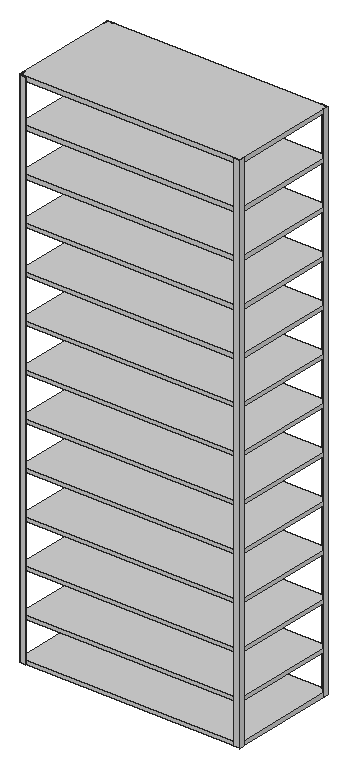
Revit family "SS", category Specialty Equipment, Revit 2012
Parameters (values of type "Storage Shelving (Default)")
  URL = "http://www.madixinc.com/store/storage/components/index.html"
  Model = "Storage Shelving"
  Manufacturer = "© 2012 Madix, Inc. All rights reserved."
  Base Shelf [instance] = yes
  1' Shelf [instance] = yes
  2' Shelf [instance] = yes
  3' Shelf [instance] = yes
  Width = 5' - 0"
  Shelf Depth = 2' - 6"
  Height = 12' - 0"
  4' Shelf [instance] = yes
  5' Shelf [instance] = yes
  6' Shelf [instance] = yes
  7' Shelf [instance] = yes
  8' Shelf [instance] = yes
  9' Shelf [instance] = yes
  10' Shelf [instance] = yes
  11' Shelf [instance] = yes
  12' Shelf [instance] = yes
Reference planes (in)
  plane 1 "Center (Front/Back)": y = 0
  plane 2: z = 0
  plane 3 "Center (Left/Right)": x = 0
  plane 4: z = 144
  plane 5: x = -30
  plane 6: x = 30
  plane 7: x = -30
  plane 8: y = 15
  plane 9: y = -15
Forms (in)
  Extrusion 1, solid, material "Metal - Steel", visible <- "Base Shelf"
    sketch origin (0, 0, 0) x (1, 0, 0) y (0, 1, 0)
      loop
        line (-30, 15) -> (-30, -15) -> (30, -15) -> (30, 15) -> (-30, 15)
    from 0 to 1
  Extrusion 2, solid, material "Metal - Steel", visible <- "1' Shelf"
    sketch origin (31, 0, 0) x (1, 0, 0) y (0, 1, 0)
      loop
        line (-61, 15) -> (-61, -15) -> (-1, -15) -> (-1, 15) -> (-61, 15)
    from 11 to 12
  Extrusion 3, solid, material "Metal - Steel", visible <- "2' Shelf"
    sketch origin (31, 0, 0) x (1, 0, 0) y (0, 1, 0)
      loop
        line (-61, 15) -> (-61, -15) -> (-1, -15) -> (-1, 15) -> (-61, 15)
    from 23 to 24
  Extrusion 4, solid, material "Metal - Steel", visible <- "3' Shelf"
    sketch origin (31, 0, 0) x (1, 0, 0) y (0, 1, 0)
      loop
        line (-61, 15) -> (-61, -15) -> (-1, -15) -> (-1, 15) -> (-61, 15)
    from 35 to 36
  Extrusion 5, solid, material "Metal - Steel", visible <- "4' Shelf"
    sketch origin (31, 0, 0) x (1, 0, 0) y (0, 1, 0)
      loop
        line (-61, 15) -> (-61, -15) -> (-1, -15) -> (-1, 15) -> (-61, 15)
    from 47 to 48
  Extrusion 6, solid, material "Metal - Steel", visible <- "5' Shelf"
    sketch origin (31, 0, 0) x (1, 0, 0) y (0, 1, 0)
      loop
        line (-61, 15) -> (-61, -15) -> (-1, -15) -> (-1, 15) -> (-61, 15)
    from 59 to 60
  Extrusion 7, solid, material "Metal - Steel", visible <- "6' Shelf"
    sketch origin (31, 0, 0) x (1, 0, 0) y (0, 1, 0)
      loop
        line (-61, 15) -> (-61, -15) -> (-1, -15) -> (-1, 15) -> (-61, 15)
    from 71 to 72
  Extrusion 8, solid, material "Metal - Steel", visible <- "7' Shelf"
    sketch origin (25, -1, 0) x (1, 0, 0) y (0, 1, 0)
      loop
        line (-55, 16) -> (-55, -14) -> (5, -14) -> (5, 16) -> (-55, 16)
    from 83 to 84
  Extrusion 9, solid, material "Metal - Steel", visible <- "8' Shelf"
    sketch origin (31, 0, 0) x (1, 0, 0) y (0, 1, 0)
      loop
        line (-61, 15) -> (-61, -15) -> (-1, -15) -> (-1, 15) -> (-61, 15)
    from 95 to 96
  Extrusion 10, solid, material "Metal - Steel", visible <- "9' Shelf"
    sketch origin (31, 0, 0) x (1, 0, 0) y (0, 1, 0)
      loop
        line (-61, 15) -> (-61, -15) -> (-1, -15) -> (-1, 15) -> (-61, 15)
    from 107 to 108
  Extrusion 11, solid, material "Metal - Steel", visible <- "10' Shelf"
    sketch origin (31, 0, 0) x (1, 0, 0) y (0, 1, 0)
      loop
        line (-61, 15) -> (-61, -15) -> (-1, -15) -> (-1, 15) -> (-61, 15)
    from 119 to 120
  Extrusion 12, solid, material "Metal - Steel", visible <- "11' Shelf"
    sketch origin (31, 0, 0) x (1, 0, 0) y (0, 1, 0)
      loop
        line (-61, 15) -> (-61, -15) -> (-1, -15) -> (-1, 15) -> (-61, 15)
    from 131 to 132
  Extrusion 13, solid, material "Metal - Steel", visible <- "12' Shelf"
    sketch origin (31, 0, 0) x (1, 0, 0) y (0, 1, 0)
      loop
        line (-61, 15) -> (-61, -15) -> (-1, -15) -> (-1, 15) -> (-61, 15)
    from 143 to 144
  Extrusion 14, solid, material "Metal - Steel"
    sketch origin (0, 0, 0) x (1, 0, 0) y (0, 1, 0)
      loop
        line (-30, 15.0625) -> (-30.0625, 15.0625) -> (-30.0625, 13.5625) -> (-30, 13.5625) -> (-30, 15) -> (-28.5, 15) -> (-28.5, 15.0625) -> (-30, 15.0625)
      loop
        line (30, 15.0625) -> (28.5, 15.0625) -> (28.5, 15) -> (30, 15) -> (30, 13.5625) -> (30.0625, 13.5625) -> (30.0625, 15.0625) -> (30, 15.0625)
      loop
        line (-30, -15.0625) -> (-28.5, -15.0625) -> (-28.5, -15) -> (-30, -15) -> (-30, -13.5625) -> (-30.0625, -13.5625) -> (-30.0625, -15.0625) -> (-30, -15.0625)
      loop
        line (30, -15.0625) -> (30.0625, -15.0625) -> (30.0625, -13.5625) -> (30, -13.5625) -> (30, -15) -> (28.5, -15) -> (28.5, -15.0625) -> (30, -15.0625)
    from 0 to 144
Dimensions and locks (in)
  "Height": plane 4 to level
  equal spacing: plane 5, plane 3 "Center (Left/Right)", plane 6
  "Width": plane 5 to plane 6
  equal spacing: plane 9, plane 1 "Center (Front/Back)", plane 8
  "Shelf Depth": plane 9 to plane 8
  aligned and locked: level to plane 2
  aligned and locked: plane 5 to Extrusion 1
  aligned and locked: plane 6 to Extrusion 1
  aligned and locked: plane 7 to plane 5
  aligned and locked: Extrusion 1 to Extrusion 8  (x2)
  aligned and locked: Extrusion 8 to Extrusion 1  (x2)
  aligned and locked: plane 8 to Extrusion 1
  aligned and locked: plane 9 to Extrusion 1
  aligned and locked: Extrusion 2 to Extrusion 8
  aligned and locked: Extrusion 8 to Extrusion 2
  aligned and locked: Extrusion 14 to Extrusion 1  (x8)
  aligned and locked: Extrusion 14 to Extrusion 2  (x3)
  aligned and locked: Extrusion 7 to Extrusion 1  (x2)
  aligned and locked: Extrusion 6 to Extrusion 1  (x2)
  aligned and locked: Extrusion 5 to Extrusion 1  (x2)
  aligned and locked: Extrusion 4 to Extrusion 1  (x2)
  aligned and locked: Extrusion 3 to Extrusion 1  (x2)
  aligned and locked: Extrusion 9 to Extrusion 6
  aligned and locked: Extrusion 8 to Extrusion 9  (x3)
  aligned and locked: Extrusion 7 to Extrusion 9
  aligned and locked: Extrusion 1 to Extrusion 13  (x4)
  aligned and locked: Extrusion 7 to Extrusion 12
  aligned and locked: Extrusion 12 to Extrusion 7
  aligned and locked: Extrusion 12 to Extrusion 10
  aligned and locked: Extrusion 9 to Extrusion 12
  aligned and locked: Extrusion 11 to Extrusion 8  (x2)
  aligned and locked: Extrusion 8 to Extrusion 11  (x2)
  aligned and locked: Extrusion 10 to Extrusion 7
  aligned and locked: Extrusion 7 to Extrusion 10
  aligned and locked: Extrusion 10 to Extrusion 8
  aligned and locked: Extrusion 8 to Extrusion 10
  aligned and locked: Extrusion 10 to Extrusion 9
  aligned and locked: Extrusion 9 to Extrusion 8
  aligned and locked: plane 4 to Extrusion 13
  aligned and locked: Extrusion 14 to Extrusion 13
Automatic sketch dimensions
  Extrusion 14 sketch curve to Extrusion 14 sketch curve = 0' - 1 1/2"  (x3)
  Extrusion 14 sketch curve to Extrusion 14 sketch curve = 0' - 0 1/16"  (x6)
  Extrusion 14 sketch curve to Extrusion 14 sketch curve = 0' - 0"  (x3)
  Extrusion 14 sketch curve to Extrusion 14 sketch curve = 0' - 1 9/16"  (x2)
  Extrusion 14 sketch curve to Extrusion 14 sketch curve = 0' - 1 7/16"  (x4)
  Extrusion 1 sketch curve to plane 5 = 0' - 0"
  Extrusion 2 sketch curve to plane 5 = 0' - 0"
  Extrusion 3 sketch curve to plane 5 = 0' - 0"
  Extrusion 4 sketch curve to plane 5 = 0' - 0"
  Extrusion 5 sketch curve to plane 5 = 0' - 0"
  Extrusion 6 sketch curve to plane 5 = 0' - 0"
  Extrusion 7 sketch curve to plane 5 = 0' - 0"
  plane 5 to Extrusion 8 sketch curve = 0' - 0"
  Extrusion 9 sketch curve to plane 5 = 0' - 0"
  Extrusion 10 sketch curve to plane 5 = 0' - 0"
  Extrusion 11 sketch curve to plane 5 = 0' - 0"
  Extrusion 12 sketch curve to plane 5 = 0' - 0"
  Extrusion 13 sketch curve to plane 5 = 0' - 0"
  Extrusion 14 sketch curve to plane 5 = 0' - 0"  (x2)
  Extrusion 1 sketch curve to plane 1 "Center (Front/Back)" = 1' - 3"
  Extrusion 2 sketch curve to plane 1 "Center (Front/Back)" = 1' - 3"
  Extrusion 3 sketch curve to plane 1 "Center (Front/Back)" = 1' - 3"
  Extrusion 4 sketch curve to plane 1 "Center (Front/Back)" = 1' - 3"
  Extrusion 5 sketch curve to plane 1 "Center (Front/Back)" = 1' - 3"
  Extrusion 6 sketch curve to plane 1 "Center (Front/Back)" = 1' - 3"
  Extrusion 7 sketch curve to plane 1 "Center (Front/Back)" = 1' - 3"
  Extrusion 8 sketch curve to plane 1 "Center (Front/Back)" = 1' - 3"
  Extrusion 9 sketch curve to plane 1 "Center (Front/Back)" = 1' - 3"
  Extrusion 10 sketch curve to plane 1 "Center (Front/Back)" = 1' - 3"
  Extrusion 11 sketch curve to plane 1 "Center (Front/Back)" = 1' - 3"
  Extrusion 12 sketch curve to plane 1 "Center (Front/Back)" = 1' - 3"
  Extrusion 13 sketch curve to plane 1 "Center (Front/Back)" = 1' - 3"
  Extrusion 14 sketch curve to plane 1 "Center (Front/Back)" = 1' - 1 9/16"  (x2)
  Extrusion 1 sketch curve to plane 6 = 0' - 0"
  Extrusion 2 sketch curve to plane 6 = 0' - 0"
  Extrusion 3 sketch curve to plane 6 = 0' - 0"
  Extrusion 4 sketch curve to plane 6 = 0' - 0"
  Extrusion 5 sketch curve to plane 6 = 0' - 0"
  Extrusion 6 sketch curve to plane 6 = 0' - 0"
  Extrusion 7 sketch curve to plane 6 = 0' - 0"
  plane 6 to Extrusion 8 sketch curve = 0' - 0"
  Extrusion 9 sketch curve to plane 6 = 0' - 0"
  Extrusion 10 sketch curve to plane 6 = 0' - 0"
  Extrusion 11 sketch curve to plane 6 = 0' - 0"
  Extrusion 12 sketch curve to plane 6 = 0' - 0"
  Extrusion 13 sketch curve to plane 6 = 0' - 0"
  Extrusion 14 sketch curve to plane 6 = 0' - 0"  (x2)
  plane 1 "Center (Front/Back)" to Extrusion 1 sketch curve = 1' - 3"
  plane 1 "Center (Front/Back)" to Extrusion 2 sketch curve = 1' - 3"
  plane 1 "Center (Front/Back)" to Extrusion 3 sketch curve = 1' - 3"
  plane 1 "Center (Front/Back)" to Extrusion 4 sketch curve = 1' - 3"
  plane 1 "Center (Front/Back)" to Extrusion 5 sketch curve = 1' - 3"
  plane 1 "Center (Front/Back)" to Extrusion 6 sketch curve = 1' - 3"
  plane 1 "Center (Front/Back)" to Extrusion 7 sketch curve = 1' - 3"
  plane 1 "Center (Front/Back)" to Extrusion 8 sketch curve = 1' - 3"
  plane 1 "Center (Front/Back)" to Extrusion 9 sketch curve = 1' - 3"
  plane 1 "Center (Front/Back)" to Extrusion 10 sketch curve = 1' - 3"
  plane 1 "Center (Front/Back)" to Extrusion 11 sketch curve = 1' - 3"
  plane 1 "Center (Front/Back)" to Extrusion 12 sketch curve = 1' - 3"
  plane 1 "Center (Front/Back)" to Extrusion 13 sketch curve = 1' - 3"
  plane 1 "Center (Front/Back)" to Extrusion 14 sketch curve = 1' - 1 9/16"  (x2)
  plane 5 to Extrusion 14 sketch curve = 0' - 0 1/16"  (x2)
